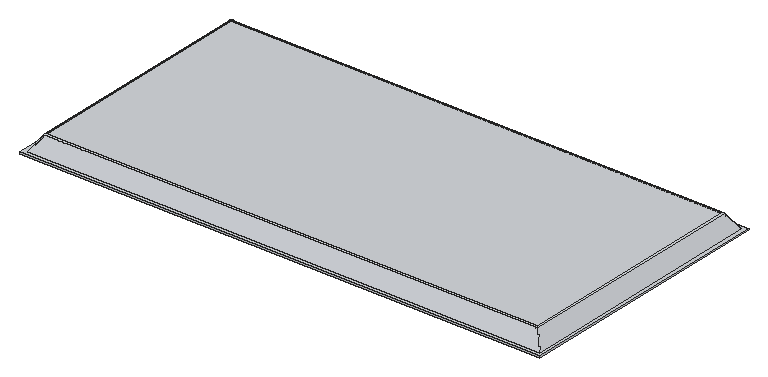
Revit family "LSP-2G", category Lighting Fixtures, host Ceiling, Revit 2018
Family settings
  Host = Ceiling
  Round Connector Dimension = Use Diameter
  Part Type = Normal
  OmniClass Number = 23.80.70.11
  OmniClass Title = Luminaries for Internal Lighting
  Always vertical = Yes
  Cut with Voids When Loaded = No
  Light Source = Yes
  Shared = No
  Room Calculation Point = No
Parameters (values of type "LSP-2G 2'X4' 50W")
  width = 1219.2 mm
  volts = 277 V
  lsp led panel = lsp led panel
  lsp casing = lsp casing
  lenght = 609.6 mm
  Wattage = 50 W
  built-in parameter 1150110 = 1 (stored number, unit not read)
  built-in parameter 1114217 = 1 (stored number, unit not read)
  built-in parameter 1150109 = 1 (stored number, unit not read)
  built-in parameter 1150134 = (empty or 0)
  built-in parameter 1150113 = 1 (stored number, unit not read)
  Lumens = 6250 lm
  built-in parameter 1150115 = 1 (stored number, unit not read)
  built-in parameter 1150105 = 1989.4 (stored number, unit not read)
  Light Source Symbol Size = 300 mm
  built-in parameter 1150137 = (empty or 0)
  built-in parameter 1150139 = (empty or 0)
  built-in parameter 1150112 = 1 (stored number, unit not read)
  built-in parameter 1150114 = 1 (stored number, unit not read)
  built-in parameter 1150132 = (empty or 0)
  built-in parameter 1150102 = (empty or 0)
  built-in parameter 1150138 = (empty or 0)
  built-in parameter 1150107 = 3500 (stored number, unit not read)
  built-in parameter 1150106 = 19.894 (stored number, unit not read)
  Emit from Rectangle Width = lenght - 220 mm  # 389.6 mm
  Emit from Rectangle Length = width - 300 mm  # 919.2 mm
  Emit Shape Visible in Rendering = no
  built-in parameter 1150104 = 11.613 (stored number, unit not read)
  Dimming Lamp Color Temperature Shift = <None>
  Color Filter = 16777215
  built-in parameter 1114218 = 1 (stored number, unit not read)
  built-in parameter 1150133 = 10 (stored number, unit not read)
  Apparent Load = 50 VA
Types (6, lengths in mm): name | width | lenght | Wattage | built-in parameter 1150134 | Lumens | built-in parameter 1150105 | built-in parameter 1150107 | built-in parameter 1150106 | Emit from Rectangle Width | Emit from Rectangle Length | Apparent Load
  (no name) | 1219.2 | 609.6 | 50 W | (empty or 0) | 6250 lm | 1989.4 (stored number, unit not read) | 3500 (stored number, unit not read) | 19.894 (stored number, unit not read) | 389.6 | 919.2 | 50 VA
  LSP-2G 1'X4' 30W | 1219.2 | 304.8 | 30 W | (empty or 0) | 3750 lm | 1193.7 (stored number, unit not read) | 3500 (stored number, unit not read) | 11.937 (stored number, unit not read) | 84.8 | 919.2 | 30 VA
  LSP-2G 2'X2' 30W | 609.6 | 609.6 | 30 W | 12 | 3750 lm | 1193.7 (stored number, unit not read) | 4000 (stored number, unit not read) | 11.937 (stored number, unit not read) | 389.6 | 309.6 | 30 VA
  LSP-2G 2'X2' 36W | 609.6 | 609.6 | 36 W | 2 | 4500 lm | 1432.4 (stored number, unit not read) | 5000 (stored number, unit not read) | 14.324 (stored number, unit not read) | 389.6 | 309.6 | 36 VA
  LSP-2G 2'X4' 40W | 1219.2 | 609.6 | 40 W | (empty or 0) | 5000 lm | 1591.5 (stored number, unit not read) | 3500 (stored number, unit not read) | 15.915 (stored number, unit not read) | 389.6 | 919.2 | 40 VA
  LSP-2G 2'X4' 50W | 1219.2 | 609.6 | 50 W | (empty or 0) | 6250 lm | 1989.4 (stored number, unit not read) | 3500 (stored number, unit not read) | 19.894 (stored number, unit not read) | 389.6 | 919.2 | 50 VA
Reference planes
  plane 1 "Light Source Axis (F/B)": y = 0
  plane 2 "Ceiling": z = 2438.4
  plane 3 "Light Source Axis (L/R)": x = 0
  plane 4 "Light Source Elevation": z = 2426.8
Dimensions and locks
  equal spacing: host sketch curve, plane 3 "Light Source Axis (L/R)", host sketch curve
  equal spacing: host sketch curve, plane 1 "Light Source Axis (F/B)", host sketch curve
  host sketch curve to host sketch curve = 3048 mm  (x2)
  locked: plane 2 "Ceiling" to plane 4 "Light Source Elevation" at 11.6
  aligned and locked: plane 3 "Light Source Axis (L/R)" to imposter light
  aligned and locked: plane 1 "Light Source Axis (F/B)" to imposter light
  aligned and locked: plane 4 "Light Source Elevation" to imposter light
Nested families
  nested 1: "LSP" at (0, 0, 2435.423), type "LSP"
    with width 1219.2 mm, lenght 609.6 mm
Connectors
  electrical at (0, 0, 2438.4), driven by "volts", driven by "Apparent Load"
    settings: on nested 1, index 1, voltage 277 V, apparent load 0 VA, apparent load phase1 50 VA, apparent load phase2 0 VA, apparent load phase3 0 VA, power factor 1, load classification "Other", number of poles 1, system type 31, power factor state 1, is connector primary yes, connector utility no, sub classification motor no, connector description ""
Definition of nested family "LSP"
  Parameters (values of type "LSP")
    width = 300 mm
    lsp led panel = none
    lsp casing = none
    lenght = 300 mm
  Reference planes
    plane 1 "Center (Front/Back)": y = 0
    plane 2: z = 0
    plane 3 "Center (Left/Right)": x = 0
    plane 4: y = 150
    plane 5: y = -150
    plane 6: x = -150
    plane 7: x = 150
  Forms (mm)
    Sweep 1, solid, material <- "lsp casing"
      path origin (0, 0, 0) x (1, 0, 0) y (0, 1, 0)
        loop
          line (-150, 150) -> (-150, -150) -> (150, -150) -> (150, 150) -> (-150, 150)
      profile origin (0, 150, 0) x (0, 1, 0) y (0, 0, 1)
        loop
          line (0, 0) -> (0, 2.977) -> (-9.471, 2.977) -> (-30.882, 37.242)
          arc (-30.882, 37.242) -> (-32.241, 38.531) -> (-34.054, 39) r 3.74
          line (-34.054, 39) -> (-125.896, 39) -> (-125.896, 37.5) -> (-33.433, 37.5)
          arc (-33.433, 37.5) -> (-32.89, 37.36) -> (-32.483, 36.974) r 1.12
          line (-32.483, 36.974) -> (-20, 16.996) -> (-20, 0.956) -> (-20, 0) -> (0, 0)
    Extrusion 2, solid, material <- "lsp casing"
      sketch origin (0, 0, 0) x (1, 0, 0) y (0, 1, 0)
        loop
          line (-24.104, 24.104) -> (-24.104, -24.104) -> (24.104, -24.104) -> (24.104, 24.104) -> (-24.104, 24.104)
      from 37.5 to 39
    Extrusion 3, solid, material <- "lsp led panel"
      sketch origin (0, 0, 0) x (1, 0, 0) y (0, 1, 0)
        loop
          line (-130, 130) -> (-130, -130) -> (130, -130) -> (130, 130) -> (-130, 130)
      from 0 to 1.719
  Cuts and joins
    joined: Sweep 1, Extrusion 2
  Lines and regions (mm)
    model lines
      curve 1: line (-150, 150, 0) -> (150, 150, 0)
      curve 2: line (150, 150, 0) -> (150, -150, 0)
      curve 3: line (150, -150, 0) -> (-150, -150, 0)
      curve 4: line (-150, -150, 0) -> (-150, 150, 0)
  Dimensions and locks
    equal spacing: plane 6, plane 3 "Center (Left/Right)", plane 7
    "width": plane 6 to plane 7
    equal spacing: plane 5, plane 1 "Center (Front/Back)", plane 4
    "lenght": plane 5 to plane 4
    locked: Extrusion 3 sketch curve to plane 4 at 20
    locked: Extrusion 3 sketch curve to plane 7 at 20
    locked: plane 5 to Extrusion 3 sketch curve at 20
    locked: plane 6 to Extrusion 3 sketch curve at 20
    aligned and locked: plane 2 to level
    aligned and locked: Sweep 1 to Extrusion 2 sketch curve
    aligned and locked: Extrusion 2 sketch curve to Sweep 1  (x3)
  Automatic sketch dimensions
    plane 4 to curve 4 = 0 mm
    curve 4 to plane 6 = 0 mm
    plane 5 to curve 3 = 0 mm
    curve 3 to plane 7 = 0 mm
    plane 5 to Sweep 1 sketch curve = 0 mm
    Sweep 1 sketch curve to plane 6 = 0 mm
    Sweep 1 sketch curve to plane 7 = 0 mm
    plane 4 to Sweep 1 sketch curve = 0 mm
    Sweep 1 sketch curve to level = 0 mm
    Sweep 1 sketch curve to profile plane = 0 mm
    level to Sweep 1 sketch curve = 2.977 mm
    profile plane to Sweep 1 sketch curve = 9.471 mm
    Sweep 1 sketch curve to Sweep 1 sketch curve = 10.529 mm
    Sweep 1 sketch curve to Sweep 1 sketch curve = 10.882 mm
    Sweep 1 sketch curve to Sweep 1 sketch curve = 1.601 mm
    Sweep 1 sketch curve to Sweep 1 sketch curve = 0.95 mm
    Sweep 1 sketch curve to Sweep 1 sketch curve = 0.621 mm
    level to Sweep 1 sketch curve = 0.956 mm
    Sweep 1 sketch curve to Sweep 1 sketch curve = 16.04 mm
    Sweep 1 sketch curve to Sweep 1 sketch curve = 18.264 mm
    Sweep 1 sketch curve to Sweep 1 sketch curve = 1.12 mm
    Sweep 1 sketch curve to Sweep 1 sketch curve = 0.593 mm
    Sweep 1 sketch curve to Sweep 1 sketch curve = 0.268 mm
    Sweep 1 sketch curve to Sweep 1 sketch curve = 91.842 mm
